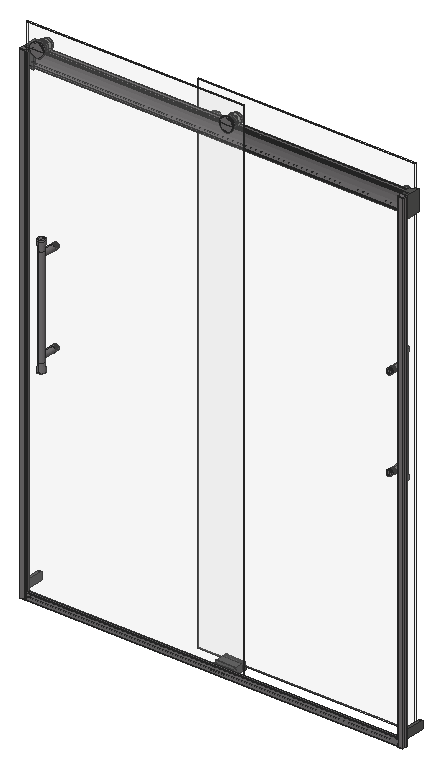
Revit family "Shower-Shower_Door-KOHLER-Elmbrook-K-706851_1", category Specialty Equipment, host Face, Revit 2022 (continued)
Definition of nested family "K-706851"
  Automatic sketch dimensions
    Revolve 14 sketch curve to plane 25 = 0.11373"
    Revolve 14 sketch curve to plane 8 = 0.61882"
    Revolve 14 sketch curve to plane 26 = 0.0606"
    Revolve 14 sketch curve to plane 8 = 0.52866"
    Revolve 14 sketch curve to plane 27 = 0.01826"
    Revolve 14 sketch curve to plane 8 = 0.33181"
    plane 25 to Revolve 14 sketch curve = 0.01837"
    Revolve 14 sketch curve to Revolve 14 sketch curve = 0.00874"
    plane 32 to Revolve 14 sketch curve = 0.30634"
    plane 35 to Revolve 15 sketch curve = 0.04159"
    plane 4 to Revolve 15 sketch curve = 0.15022"
    plane 4 to Revolve 15 sketch curve = 0.21"
    Revolve 15 sketch curve to plane 25 = 0.03074"
    plane 4 to Revolve 15 sketch curve = 0.2658"
    Revolve 15 sketch curve to Revolve 15 sketch curve = 0.18017"
    plane 1 "Center (Front/Back)" to Revolve 15 sketch curve = 0.12246"
    Revolve 15 sketch curve to Revolve 15 sketch curve = 0.25536"
    Revolve 15 sketch curve to plane 25 = 0.11373"
    Revolve 15 sketch curve to Revolve 15 sketch curve = 0.28535"
    Revolve 15 sketch curve to Revolve 15 sketch curve = 0.34693"
    Revolve 15 sketch curve to plane 26 = 0.11762"
    Revolve 15 sketch curve to Revolve 15 sketch curve = 0.16033"
    Revolve 15 sketch curve to plane 26 = 0.06127"
    Revolve 15 sketch curve to Revolve 15 sketch curve = 0.00083"
    Revolve 15 sketch curve to plane 26 = 0.08903"
    Revolve 15 sketch curve to Revolve 15 sketch curve = 0.02776"
    plane 35 to Revolve 15 sketch curve = 0.00968"
    Revolve 15 sketch curve to Revolve 15 sketch curve = 0.17616"
    plane 25 to Revolve 15 sketch curve = 0.01837"
    Revolve 15 sketch curve to Revolve 15 sketch curve = 0.01891"
    Revolve 15 sketch curve to Revolve 15 sketch curve = 0.0243"
    Revolve 15 sketch curve to plane 27 = 0.01777"
    Revolve 15 sketch curve to Revolve 15 sketch curve = 0.27252"
    Revolve 15 sketch curve to plane 27 = 0.00144"
    Revolve 15 sketch curve to Revolve 15 sketch curve = 0.02665"
    Revolve 15 sketch curve to Revolve 15 sketch curve = 0.02702"
    plane 27 to Revolve 15 sketch curve = 0.05181"
    Revolve 15 sketch curve to Revolve 15 sketch curve = 0.02677"
    plane 35 to Revolve 15 sketch curve = 0.23322"
    Revolve 15 sketch curve to plane 3 "Center (Left/Right)" = 0.53742"
    Revolve 15 sketch curve to Revolve 15 sketch curve = 0.05803"
    Revolve 15 sketch curve to Revolve 15 sketch curve = 0.30232"
    Revolve 15 sketch curve to Revolve 15 sketch curve = 0.02195"
    Revolve 15 sketch curve to Revolve 15 sketch curve = 0.01364"
    Revolve 15 sketch curve to Revolve 15 sketch curve = 0"
    Revolve 15 sketch curve to Revolve 15 sketch curve = 0.00923"
    plane 32 to Revolve 15 sketch curve = 0.10949"
    plane 31 to Revolve 16 sketch curve = 0.00109"
    plane 31 to Revolve 16 sketch curve = 0.02166"
    Revolve 16 sketch curve to Revolve 16 sketch curve = 0.0171"
    Revolve 16 sketch curve to Revolve 16 sketch curve = 0.03165"
    Revolve 16 sketch curve to Revolve 16 sketch curve = 0.043"
    Revolve 16 sketch curve to plane 36 = 0.11909"
    Revolve 16 sketch curve to Revolve 16 sketch curve = 0.04889"
    plane 36 to Revolve 16 sketch curve = 0.09509"
    plane 34 to Revolve 16 sketch curve = 0.02399"
    Revolve 16 sketch curve to plane 34 = 0.00791"
    plane 26 to Revolve 16 sketch curve = 0.10442"
    plane 26 to Revolve 16 sketch curve = 0.00756"
    Revolve 16 sketch curve to plane 26 = 0.04156"
    Revolve 16 sketch curve to plane 26 = 0.22857"
    Revolve 16 sketch curve to plane 1 "Center (Front/Back)" = 0.08551"
    Revolve 16 sketch curve to plane 33 = 0.31969"
    plane 22 to Revolve 16 sketch curve = 0.05698"
    Revolve 16 sketch curve to Revolve 16 sketch curve = 0.01613"
    Revolve 16 sketch curve to Revolve 16 sketch curve = 0.00616"
    plane 22 to Revolve 16 sketch curve = 0.29896"
    plane 22 to Revolve 16 sketch curve = 0.33017"
    Revolve 16 sketch curve to Revolve 16 sketch curve = 0.07583"
    Revolve 16 sketch curve to Revolve 16 sketch curve = 0.17616"
    Revolve 16 sketch curve to Revolve 16 sketch curve = 0.02921"
    Revolve 16 sketch curve to Revolve 16 sketch curve = 0.20814"
    Revolve 16 sketch curve to Revolve 16 sketch curve = 0.28535"
    Revolve 16 sketch curve to Revolve 16 sketch curve = 0.1928"
    Revolve 16 sketch curve to Revolve 16 sketch curve = 0.25792"
    Revolve 16 sketch curve to plane 28 = 0.41123"
    Revolve 16 sketch curve to Revolve 16 sketch curve = 0.01571"
    Revolve 16 sketch curve to Revolve 16 sketch curve = 0"
    Revolve 17 sketch curve to plane 38 = 0.03076"  (x2)
    plane 23 to Revolve 17 sketch curve = 0.57379"
    plane 35 to Revolve 17 sketch curve = 0.37569"
    Revolve 17 sketch curve to Revolve 17 sketch curve = 0.02555"
    Revolve 17 sketch curve to Revolve 17 sketch curve = 0.03934"
    plane 35 to Revolve 17 sketch curve = 0.00875"
    Revolve 17 sketch curve to plane 35 = 0.01186"
    Revolve 17 sketch curve to Revolve 17 sketch curve = 0.0381"
    Revolve 17 sketch curve to Revolve 17 sketch curve = 0.02644"
    Revolve 17 sketch curve to plane 25 = 0.02667"
    Revolve 17 sketch curve to plane 25 = 0.00438"
    plane 38 to Revolve 17 sketch curve = 0.16705"
    Revolve 17 sketch curve to Revolve 17 sketch curve = 0.14525"
    Revolve 17 sketch curve to Revolve 17 sketch curve = 0.16734"
    Revolve 17 sketch curve to Revolve 17 sketch curve = 0.00774"
    Revolve 17 sketch curve to Revolve 17 sketch curve = 0.0131"
    Revolve 17 sketch curve to plane 35 = 0.05585"
    plane 1 "Center (Front/Back)" to Revolve 17 sketch curve = 0.13818"
    Revolve 18 sketch curve to plane 40 = 0.03046"  (x2)
    plane 23 to Revolve 18 sketch curve = 0.57379"
    plane 35 to Revolve 18 sketch curve = 0.37569"
    Revolve 18 sketch curve to Revolve 18 sketch curve = 0.02555"
    Revolve 18 sketch curve to Revolve 18 sketch curve = 0.03934"
    plane 35 to Revolve 18 sketch curve = 0.00875"
    Revolve 18 sketch curve to plane 35 = 0.01186"
    Revolve 18 sketch curve to Revolve 18 sketch curve = 0.0381"
    Revolve 18 sketch curve to Revolve 18 sketch curve = 0.02644"
    Revolve 18 sketch curve to plane 25 = 0.02667"
    Revolve 18 sketch curve to plane 25 = 0.00438"
    Revolve 18 sketch curve to plane 40 = 0.22826"
    Revolve 18 sketch curve to Revolve 18 sketch curve = 0.14525"
    Revolve 18 sketch curve to Revolve 18 sketch curve = 0.16734"
    Revolve 18 sketch curve to Revolve 18 sketch curve = 0.00774"
    Revolve 18 sketch curve to Revolve 18 sketch curve = 0.0131"
    Revolve 18 sketch curve to plane 35 = 0.05585"
    plane 1 "Center (Front/Back)" to Revolve 18 sketch curve = 0.13818"
    plane 20 to Revolve 19 sketch curve = 0.00198"
    plane 23 to Revolve 19 sketch curve = 0.52649"  (x2)
    plane 32 to Revolve 19 sketch curve = 0.82517"
    plane 19 to Revolve 19 sketch curve = 0.05307"
    Revolve 19 sketch curve to Revolve 19 sketch curve = 0.47348"  (x2)
    Revolve 19 sketch curve to plane 40 = 0.63006"
    Revolve 19 sketch curve to plane 24 = 2.86132"  (x2)
    plane 38 to Revolve 19 sketch curve = 0.56924"
    Revolve 19 sketch curve to Revolve 19 sketch curve = 0.05323"
    Revolve 19 sketch curve to plane 19 = 0.00016"
    plane 40 to Revolve 19 sketch curve = 0.17857"
    Revolve 19 sketch curve to plane 20 = 0.98227"
    plane 5 to Masking region 1 sketch curve = 0"
    Masking region 1 sketch curve to level = 0"
    plane 7 to Masking region 1 sketch curve = 0"
    plane 14 to Masking region 1 sketch curve = 0"
    Masking region 1 sketch curve to plane 6 = 0"
    Masking region 1 sketch curve to plane 21 = 0"  (x2)
    plane 7 to Masking region 1 sketch curve = 0.05632"
    level to Masking region 1 sketch curve = 0.078"
    level to Masking region 1 sketch curve = 0.081"
    plane 18 to Masking region 1 sketch curve = 0.00777"
    curve 127 to plane 32 = 0"
    plane 37 to curve 205 = 0"
    curve 121 to plane 27 = 0"
    curve 283 to plane 27 = 0"
    curve 159 to level = 0"
    curve 158 to level = 0"
    curve 47 to plane 21 = 0"
    curve 149 to level = 0"
    curve 282 to plane 35 = 0"
    curve 65 to plane 35 = 0"
    curve 289 to plane 26 = 0"
    curve 267 to plane 26 = 0"
    curve 265 to plane 34 = 0"
    curve 49 to plane 34 = 0"
    curve 37 to plane 40 = 0.02942"
    plane 32 to curve 37 = 0.49685"
    curve 38 to plane 38 = 0.03858"
    plane 32 to curve 38 = 0.5295"
    curve 76 to plane 27 = 0.05534"
    curve 255 to plane 27 = 0.01537"
    curve 255 to curve 254 = 0.00002"
    curve 155 to plane 27 = 0.01509"
    curve 252 to plane 27 = 0.00523"
    curve 217 to plane 27 = 0.00034"
    plane 27 to curve 240 = 0.01419"
    curve 240 to curve 237 = 3/256"
    curve 251 to curve 246 = 0.00093"
    plane 27 to curve 257 = 0.03271"
    curve 246 to curve 251 = 0.01309"
    plane 27 to curve 160 = 0.06034"
    level to curve 159 = 0.00824"
    curve 160 to curve 159 = 0.02147"
    curve 154 to level = 0.02414"
    curve 159 to curve 154 = 0.00252"
    curve 160 to curve 161 = 0.08798"
    curve 251 to curve 248 = 0.1269"
    curve 248 to curve 245 = 0.00871"
    curve 236 to plane 21 = 0.1053"
    curve 245 to curve 236 = 0.00394"
    curve 238 to plane 21 = 0.1053"
    curve 236 to curve 238 = 0.008"  (x2)
    curve 239 to plane 21 = 0.1053"
    curve 238 to curve 239 = 0.03434"
    curve 235 to plane 21 = 0.1053"
    curve 244 to curve 235 = 0.008"
    level to curve 158 = 0.00966"
    curve 161 to curve 158 = 0.08431"
    curve 235 to curve 244 = 0.00614"
    curve 158 to curve 156 = 0.00967"
    curve 244 to curve 249 = 0.00655"
    level to curve 157 = 0.00085"
    curve 158 to curve 157 = 0.04802"
    curve 157 to curve 153 = 0.01422"
    curve 156 to curve 152 = 0.07297"
    curve 249 to curve 250 = 0.07662"
    curve 250 to curve 257 = 0.05747"
    curve 257 to curve 234 = 0.0068"
    curve 234 to curve 247 = 0.00078"
    curve 241 to plane 21 = 0.1053"
    curve 247 to curve 241 = 0.01094"
    plane 27 to curve 216 = 0.40966"
    curve 253 to plane 21 = 0.1053"
    curve 241 to curve 253 = 0.01942"
    curve 256 to curve 233 = 0.01011"
    curve 233 to curve 256 = 0.00002"
    curve 129 to plane 21 = 0.04704"
    curve 233 to curve 129 = 0.06771"
    curve 129 to curve 128 = 0.0317"
    curve 79 to plane 22 = 0.01257"
    plane 35 to curve 79 = 0.38279"
    curve 46 to plane 21 = 0.01964"
    curve 128 to curve 46 = 0.02782"
    plane 22 to curve 73 = 0.00545"
    curve 75 to curve 73 = 0.01691"
    curve 46 to curve 48 = 0.0204"
    curve 55 to plane 33 = 0.01396"
    curve 77 to curve 55 = 0.02339"
    level to curve 170 = 0.10796"
    plane 35 to curve 170 = 0.26424"
    curve 170 to curve 146 = 0.0115"
    level to curve 149 = 0.008"
    curve 148 to curve 149 = 0.00187"
    curve 170 to curve 168 = 0.01404"
    level to curve 167 = 0.13533"
    curve 168 to curve 167 = 0.02613"
    level to curve 167 = 0.08597"
    curve 148 to curve 167 = 0.01966"
    level to curve 165 = 0.04269"
    curve 169 to curve 165 = 0.03957"
    curve 169 to curve 169 = 0.04431"
    curve 168 to curve 116 = 0.09012"
    curve 119 to curve 103 = 0.01583"
    plane 35 to curve 119 = 0.04192"
    plane 35 to curve 117 = 0.04192"
    curve 119 to curve 109 = 0.0169"
    curve 272 to plane 35 = 0.05075"
    curve 284 to curve 273 = 0.01453"
    curve 280 to curve 274 = 0.00261"
    curve 118 to plane 25 = 0.13806"
    curve 118 to curve 117 = 0"
    curve 118 to curve 108 = 0.00114"
    curve 87 to plane 22 = 0.01933"
    curve 87 to plane 25 = 0.10278"
    curve 87 to curve 79 = 0.00479"
    curve 102 to plane 25 = 0.06242"
    curve 226 to curve 227 = 0.02078"
    curve 227 to curve 86 = 0"
    curve 89 to curve 88 = 0.00258"
    curve 108 to curve 115 = 0.01604"
    curve 297 to plane 25 = 0.02528"
    curve 299 to plane 25 = 0.01986"
    curve 298 to plane 25 = 0.01848"
    curve 273 to plane 25 = 0.01601"
    curve 281 to plane 25 = 0.0148"
    curve 275 to plane 25 = 0.00022"
    plane 25 to curve 295 = 0.00077"
    plane 25 to curve 204 = 0.02029"
    plane 25 to curve 202 = 0.02029"
    curve 203 to plane 1 "Center (Front/Back)" = 0.21964"
    curve 201 to plane 1 "Center (Front/Back)" = 0.21964"
    plane 26 to curve 262 = 0.01457"
    plane 26 to curve 266 = 0.01579"
    plane 26 to curve 291 = 0.01801"
    plane 26 to curve 292 = 0.0199"
    plane 26 to curve 86 = 0.05453"
    curve 86 to curve 85 = 0"
    curve 92 to plane 22 = 0.0144"
    curve 90 to curve 92 = 0.03382"
    curve 54 to plane 22 = 0.00058"
    curve 92 to curve 54 = 0.00081"
    curve 92 to curve 222 = 0.00618"
    curve 268 to plane 34 = 0.06713"
    curve 270 to plane 34 = 0.06453"
    curve 269 to curve 260 = 0.01453"
    plane 34 to curve 112 = 1/256"
    curve 112 to curve 101 = 0.01526"
    curve 101 to curve 107 = 0.06509"
    curve 107 to curve 113 = 0.00353"
    plane 22 to curve 76 = 0.03341"
    plane 36 to curve 76 = 0.0812"
    curve 76 to curve 56 = 0.00096"
    plane 22 to curve 229 = 0.00068"
    curve 56 to curve 229 = 0.00009"
    plane 36 to curve 45 = 0.07432"
    curve 229 to curve 80 = 0.01296"
    curve 230 to curve 70 = 0.01249"
    curve 84 to curve 228 = 0.01234"
    curve 56 to curve 81 = 0.02239"
    plane 36 to curve 55 = 0.02281"
    plane 36 to curve 53 = 0.02183"
    curve 72 to plane 36 = 0.00007"
    curve 111 to plane 36 = 0.0471"
    curve 114 to curve 106 = 0.00378"
    curve 68 to plane 36 = 0.08219"
    curve 106 to curve 100 = 0.09478"
    curve 100 to curve 110 = 0.01374"
    curve 36 to plane 40 = 0.02942"
    curve 36 to plane 28 = 0.56886"
    curve 41 to plane 38 = 0.03858"
    curve 41 to plane 28 = 0.7357"
    curve 155 to level = 0.03038"
    curve 153 to level = 0.08694"
    curve 158 to curve 156 = 0.04014"
    curve 159 to curve 160 = 0.05886"
    curve 148 to curve 167 = 0.01841"
    curve 161 to curve 153 = 0.00969"
    level to curve 111 = 0.12428"
    level to curve 117 = 0.12428"  (x2)
    curve 168 to curve 167 = 0.00046"
    curve 111 to curve 104 = 0.01572"
    curve 118 to curve 105 = 0.01572"
    curve 140 to curve 152 = 0.09002"
    curve 104 to curve 101 = 0.06177"
    curve 107 to curve 112 = 0.00211"
    curve 108 to curve 102 = 0.0707"
    curve 108 to curve 115 = 0.00058"
    curve 116 to curve 103 = 0.01839"
    curve 104 to curve 100 = 0.09314"
    curve 100 to curve 110 = 0.0015"
    curve 262 to plane 40 = 0.42341"
    curve 281 to plane 40 = 0.42341"
    plane 40 to curve 278 = 0.3482"
    plane 40 to curve 266 = 0.3482"
    curve 290 to plane 38 = 0.40375"
    curve 297 to plane 38 = 0.40375"
    plane 38 to curve 298 = 0.2876"
    plane 38 to curve 289 = 0.2876"
    curve 86 to curve 226 = 0.04394"
    curve 86 to curve 85 = 0.02"
    curve 91 to plane 22 = 0.01649"
    curve 91 to curve 90 = 0"
    curve 89 to curve 88 = 0.00256"
    curve 228 to curve 67 = 0.54677"
    plane 22 to curve 203 = 0.81989"
    curve 204 to curve 203 = 0"
    plane 37 to curve 216 = 0.79909"
    curve 220 to curve 219 = 0"
    plane 37 to curve 201 = 0.7727"
    curve 202 to curve 201 = 0"
    curve 216 to curve 216 = 1/16"
    curve 220 to curve 221 = 1/16"
    curve 52 to plane 37 = 0.05747"
    curve 250 to curve 247 = 0.00539"
    curve 251 to plane 37 = 0.10494"
    curve 237 to curve 255 = 0.00133"
    curve 256 to curve 256 = 0.0005"
    curve 244 to curve 235 = 0.00049"
    curve 244 to curve 249 = 0.00005"
    curve 248 to curve 248 = 0.00044"
    curve 245 to curve 248 = 0.00042"
    curve 240 to curve 246 = 0.00965"
    curve 234 to curve 247 = 0.00544"
    curve 251 to curve 246 = 0.00188"
    curve 251 to curve 259 = 0.0395"
    curve 53 to plane 21 = 0.02187"
    plane 32 to curve 42 = 0.00482"
    plane 32 to curve 35 = 0.00506"
    plane 32 to curve 39 = 0.00506"
    plane 19 to curve 175 = 0.07425"
    plane 32 to curve 175 = 0.73201"
    plane 20 to curve 179 = 0.06921"
    plane 32 to curve 179 = 0.73201"
    curve 180 to curve 37 = 0.32737"
    curve 37 to curve 37 = 0.32737"
    curve 37 to curve 180 = 0"
    curve 38 to curve 38 = 0.29472"  (x2)
    curve 174 to curve 38 = 0"
    plane 23 to curve 174 = 0.09196"
    plane 23 to curve 180 = 0.09196"
    curve 175 to plane 23 = 0.00036"
    curve 179 to plane 23 = 0.00036"
    curve 43 to plane 32 = 0.00179"
    curve 145 to plane 32 = 0.02244"
    plane 30 to curve 124 = 0.00942"
    curve 43 to curve 124 = 0.02065"
    curve 145 to curve 125 = 0.02334"
    curve 124 to curve 144 = 0.02334"
    curve 144 to curve 143 = 0.01323"
    curve 243 to curve 254 = 0.02437"
    curve 243 to curve 242 = 0.00837"
    curve 76 to curve 206 = 0.0266"
    curve 242 to curve 206 = 0.00261"
    curve 206 to curve 142 = 0.00031"
    curve 123 to curve 142 = 0.02693"
    curve 143 to curve 126 = 0.02694"
    curve 93 to plane 27 = 0.01701"
    curve 142 to curve 207 = 0.01402"
    curve 254 to curve 207 = 0.00096"
    plane 27 to curve 252 = 0.00002"
    plane 27 to curve 96 = 0.00864"
    curve 240 to curve 237 = 0.01126"
    curve 259 to curve 251 = 0.00472"
    curve 96 to curve 95 = 0.03255"
    curve 141 to curve 214 = 0.04366"
    curve 237 to curve 208 = 0.01774"
    curve 155 to curve 160 = 0.00655"
    curve 160 to curve 155 = 0"
    curve 208 to curve 209 = 0.016"
    curve 159 to curve 159 = 0.00027"
    curve 95 to curve 94 = 0.04154"
    curve 283 to curve 213 = 0.08306"
    curve 154 to curve 161 = 0.04366"
    curve 161 to curve 154 = 0"
    curve 153 to curve 161 = 0"
    curve 213 to curve 236 = 0.10016"
    curve 209 to curve 150 = 0.13147"
    curve 150 to curve 152 = 0.0235"
    curve 238 to curve 239 = 0.02688"
    plane 27 to curve 130 = 0.22125"  (x2)
    curve 152 to curve 151 = 0.00663"
    curve 158 to curve 158 = 0.00978"
    curve 157 to curve 158 = 0"
    curve 239 to curve 235 = 0.008"
    curve 156 to curve 152 = 0"
    curve 213 to curve 212 = 0.243"
    curve 219 to curve 216 = 0.06"
    curve 218 to curve 211 = 0.016"
    curve 210 to curve 215 = 0.016"
    curve 250 to curve 258 = 0.00196"
    curve 141 to curve 132 = 0.39366"
    plane 27 to curve 140 = 0.39366"
    curve 234 to curve 241 = 0.01126"
    curve 241 to curve 253 = 0.01463"
    curve 132 to curve 131 = 0.016"
    curve 140 to curve 139 = 0.016"
    curve 139 to curve 133 = 0.055"
    curve 131 to curve 138 = 0.055"
    curve 232 to curve 127 = 0.04618"
    curve 129 to plane 21 = 1/64"
    curve 138 to curve 136 = 0.03657"
    curve 133 to curve 135 = 0.03657"
    curve 77 to curve 72 = 0.0017"
    curve 73 to curve 74 = 0.00423"
    curve 74 to curve 199 = 0.02677"
    curve 199 to curve 198 = 0.016"
    plane 35 to curve 66 = 0.312"
    curve 136 to curve 134 = 0.12031"
    curve 135 to curve 137 = 0.12031"
    curve 198 to curve 200 = 0.016"
    curve 171 to curve 146 = 0.04202"
    plane 35 to curve 197 = 0.098"
    curve 197 to curve 196 = 0.016"
    curve 196 to curve 194 = 0.016"
    curve 194 to curve 195 = 0.028"
    curve 195 to curve 193 = 0.016"
    level to curve 165 = 0.00287"
    curve 165 to plane 25 = 0.11862"
    curve 63 to plane 25 = 0.10525"
    curve 64 to plane 25 = 0.04071"
    curve 298 to curve 297 = 0"
    curve 297 to curve 294 = 0.00189"
    curve 62 to plane 25 = 0.02031"
    curve 102 to plane 25 = 0.01826"
    curve 162 to plane 25 = 0.01446"
    curve 102 to curve 115 = 0.01601"
    plane 25 to curve 61 = 0.02946"
    curve 60 to plane 1 "Center (Front/Back)" = 0.07401"
    curve 60 to curve 59 = 0.05849"
    curve 58 to plane 26 = 0.10116"
    curve 58 to curve 44 = 0.03958"
    plane 26 to curve 191 = 0.0486"
    curve 191 to curve 188 = 0.016"
    curve 222 to curve 90 = 0.00042"
    curve 188 to curve 186 = 0.016"
    curve 186 to curve 187 = 0.028"
    curve 187 to curve 185 = 0.016"
    curve 185 to curve 192 = 0.016"
    curve 112 to plane 34 = 0.04063"
    curve 162 to plane 34 = 0.02927"
    curve 112 to curve 101 = 0.01515"
    plane 34 to curve 184 = 0.05194"
    curve 184 to curve 189 = 0.016"
    curve 189 to curve 183 = 0.016"
    curve 190 to curve 76 = 0.016"
    curve 68 to plane 36 = 0.07575"
    curve 34 to plane 36 = 0.07575"
    curve 40 to plane 36 = 0.07575"
    curve 42 to plane 36 = 0.07883"
    plane 30 to curve 100 = 0.00628"
    curve 100 to plane 36 = 0.15992"
    curve 163 to plane 36 = 0.1719"
    curve 100 to curve 110 = 0.01377"
    curve 43 to plane 29 = 0.05054"
    curve 163 to plane 29 = 0.03203"
    plane 31 to curve 98 = 0.12466"
    curve 98 to curve 97 = 0.0394"
    plane 31 to curve 99 = 0.01822"
    plane 19 to curve 176 = 0.07143"
    curve 176 to plane 28 = 0.79171"
    plane 20 to curve 178 = 0.09658"
    curve 178 to plane 28 = 0.79601"
    curve 36 to curve 36 = 0.31548"  (x2)
    curve 41 to curve 41 = 0.14864"  (x2)
    curve 177 to curve 36 = 0"
    curve 173 to curve 41 = 0"
    plane 24 to curve 177 = 0.08373"
    plane 24 to curve 173 = 0.08373"
    plane 24 to curve 176 = 0.00228"
    plane 24 to curve 178 = 0.00034"
    curve 143 to curve 121 = 0"
    curve 143 to curve 126 = 0"
    curve 143 to curve 124 = 0.00056"
    curve 143 to curve 144 = 0.00056"
    curve 163 to plane 30 = 0.22364"
    curve 164 to plane 30 = 0.0485"
    curve 137 to curve 134 = 1.07395"
    curve 180 to plane 40 = 0.62985"
    curve 177 to plane 40 = 0.62985"
    curve 35 to plane 40 = 0.42341"
    curve 34 to curve 260 = 0.01713"
    curve 177 to curve 36 = 53/256"
    curve 180 to curve 37 = 53/256"
    curve 272 to curve 277 = 0.03703"
    curve 286 to curve 277 = 0"
    curve 268 to curve 265 = 0.03703"
    curve 276 to curve 272 = 0.03323"
    curve 264 to curve 260 = 0.03323"
    plane 40 to curve 287 = 0.31623"
    curve 264 to curve 34 = 0.04776"
    plane 40 to curve 35 = 0.36399"
    curve 35 to curve 130 = 0.59447"
    curve 40 to curve 290 = 0.02824"
    curve 41 to curve 41 = 0.3934"
    curve 38 to plane 38 = 0.43199"
    curve 39 to plane 38 = 0.43199"
    curve 288 to curve 40 = 0.04921"
    plane 38 to curve 39 = 0.35482"
    curve 41 to curve 173 = 53/256"
    curve 38 to curve 174 = 53/256"
    curve 130 to plane 33 = 3.83206"
    curve 212 to plane 33 = 1.21303"
    curve 89 to curve 227 = 0.0001"
    curve 86 to curve 223 = 0.00044"
    plane 22 to curve 97 = 0.0701"
    curve 97 to curve 98 = 0.00779"
    curve 97 to curve 99 = 0.03416"
    curve 68 to curve 67 = 0.18434"
    plane 37 to curve 67 = 0.7823"
    plane 37 to curve 99 = 0.49929"
    curve 99 to curve 98 = 0.0222"
    curve 98 to curve 97 = 0.00967"
    curve 83 to curve 48 = 0.00117"
    plane 39 to curve 62 = 0.25637"
    curve 62 to curve 61 = 0"
    curve 61 to curve 60 = 0.22368"
    curve 60 to curve 59 = 0"
    curve 62 to curve 63 = 0.28374"
    curve 63 to curve 64 = 0"
    curve 63 to curve 66 = 0.14427"
    curve 59 to curve 58 = 0.23379"
    curve 63 to curve 65 = 0.18034"
    curve 66 to curve 96 = 0.30483"
    curve 96 to curve 94 = 0.00964"
    curve 96 to curve 95 = 0.01707"
    Masking region 4 sketch curve to plane 10 "D" = 0"
    plane 31 to Masking region 4 sketch curve = 0"  (x2)
    Masking region 4 sketch curve to plane 34 = 0"  (x6)
    Masking region 4 sketch curve to plane 15 "E" = 0"
    Masking region 4 sketch curve to plane 14 = 0"  (x3)
    plane 28 to Masking region 4 sketch curve = 0"
    Masking region 4 sketch curve to plane 6 = 0"
    Masking region 4 sketch curve to plane 36 = 0.11347"
    Masking region 4 sketch curve to plane 10 "D" = 0.77446"
    plane 31 to Masking region 4 sketch curve = 0.06684"
    Masking region 4 sketch curve to Masking region 4 sketch curve = 0.22483"
    Masking region 4 sketch curve to Masking region 4 sketch curve = 0.01924"
    plane 31 to Masking region 4 sketch curve = 0.01249"
    Masking region 4 sketch curve to Masking region 4 sketch curve = 0.07762"
    Masking region 4 sketch curve to Masking region 4 sketch curve = 0.0396"
    plane 26 to Masking region 4 sketch curve = 0.10442"  (x2)
    plane 11 "C" to Masking region 4 sketch curve = 0.71944"
    Masking region 4 sketch curve to plane 36 = 0.07786"  (x4)
    Masking region 4 sketch curve to Masking region 4 sketch curve = 0.03679"
    Masking region 4 sketch curve to Masking region 4 sketch curve = 0.17616"  (x2)
    plane 26 to Masking region 4 sketch curve = 0.04715"  (x3)
    Masking region 4 sketch curve to plane 11 "C" = 0.54328"
    Masking region 4 sketch curve to plane 36 = 0.18727"
    Masking region 4 sketch curve to Masking region 4 sketch curve = 0.15408"
    Masking region 4 sketch curve to Masking region 4 sketch curve = 0.19292"
    plane 31 to Masking region 4 sketch curve = 3/256"
    Masking region 4 sketch curve to Masking region 4 sketch curve = 0.02831"
    Masking region 4 sketch curve to Masking region 4 sketch curve = 0.08182"
    plane 31 to Masking region 4 sketch curve = 0.08285"
    Masking region 4 sketch curve to Masking region 4 sketch curve = 0.01761"  (x2)
    Masking region 4 sketch curve to Masking region 4 sketch curve = 0.44483"
    Masking region 4 sketch curve to plane 15 "E" = 0.3937"  (x2)
    Masking region 4 sketch curve to plane 34 = 0.03752"
    Masking region 4 sketch curve to Masking region 4 sketch curve = 0.04127"  (x2)
    Masking region 4 sketch curve to plane 36 = 0.11798"
    plane 15 "E" to Masking region 4 sketch curve = 0.35358"
    Masking region 4 sketch curve to plane 34 = 0.03763"
    Masking region 4 sketch curve to Masking region 4 sketch curve = 0.00249"
    Masking region 4 sketch curve to Masking region 4 sketch curve = 0.04013"
    Masking region 4 sketch curve to Masking region 4 sketch curve = 0.12178"
    plane 31 to Masking region 4 sketch curve = 0.09598"
    Masking region 4 sketch curve to Masking region 4 sketch curve = 0.23822"
    Masking region 4 sketch curve to Masking region 4 sketch curve = 0.01927"
    plane 31 to Masking region 4 sketch curve = 0.01417"
    Masking region 4 sketch curve to Masking region 4 sketch curve = 0.05728"
    Masking region 4 sketch curve to Masking region 4 sketch curve = 0.02723"
    Masking region 4 sketch curve to Masking region 4 sketch curve = 0.52092"
    Masking region 4 sketch curve to Masking region 4 sketch curve = 0"  (x6)
    Masking region 4 sketch curve to Masking region 4 sketch curve = 0.17763"  (x2)
    plane 26 to Masking region 4 sketch curve = 0.10775"  (x2)
    plane 13 "A" to Masking region 4 sketch curve = 0.53113"
    plane 17 to Masking region 4 sketch curve = 0.32136"
    plane 31 to Masking region 4 sketch curve = 0.0148"
    Masking region 4 sketch curve to Masking region 4 sketch curve = 0.02564"
    Masking region 4 sketch curve to Masking region 4 sketch curve = 0.05012"
    plane 31 to Masking region 4 sketch curve = 0.09943"
    Masking region 4 sketch curve to Masking region 4 sketch curve = 0.02438"
    plane 17 to Masking region 4 sketch curve = 0.22801"
    Masking region 4 sketch curve to Masking region 4 sketch curve = 0.02067"
    Masking region 4 sketch curve to Masking region 4 sketch curve = 0.02104"
    Masking region 4 sketch curve to Masking region 4 sketch curve = 0.02232"
    Masking region 4 sketch curve to Masking region 4 sketch curve = 0.00039"
    plane 17 to Masking region 4 sketch curve = 0.0177"
    plane 14 to Masking region 4 sketch curve = 0.02341"
    plane 14 to Masking region 4 sketch curve = 0.02301"
    plane 14 to Masking region 4 sketch curve = 0.02058"
    plane 14 to Masking region 4 sketch curve = 0.02022"
    plane 31 to Masking region 4 sketch curve = 0.01844"
    Masking region 4 sketch curve to plane 25 = 0.12816"
    Masking region 4 sketch curve to plane 35 = 0.14566"
    plane 35 to Masking region 4 sketch curve = 0.40387"
    plane 26 to Masking region 4 sketch curve = 0.1239"
    Masking region 4 sketch curve to plane 34 = 0.14303"
    Masking region 4 sketch curve to Masking region 4 sketch curve = 0.05855"
    Masking region 4 sketch curve to Masking region 4 sketch curve = 0.01842"
    Masking region 4 sketch curve to Masking region 4 sketch curve = 0.01408"
    Masking region 4 sketch curve to Masking region 4 sketch curve = 0.01349"
    Masking region 4 sketch curve to Masking region 4 sketch curve = 0.02748"
    Masking region 4 sketch curve to plane 28 = 0.89291"
    plane 24 to Masking region 4 sketch curve = 0.55371"
    Revolve 21 sketch curve to plane 12 "B" = 0"  (x2)
    plane 12 "B" to Revolve 21 sketch curve = 0.33038"
    plane 35 to Revolve 21 sketch curve = 0.00968"
    Revolve 21 sketch curve to Revolve 21 sketch curve = 117/256"
    Revolve 21 sketch curve to Revolve 21 sketch curve = 0.22224"
    Revolve 21 sketch curve to Revolve 21 sketch curve = 0.30232"
    Revolve 21 sketch curve to plane 27 = 0.01777"
    Revolve 21 sketch curve to plane 26 = 0.06127"
    Revolve 21 sketch curve to Revolve 21 sketch curve = 0.00923"
    plane 32 to Revolve 21 sketch curve = 0.10949"
    Revolve 22 sketch curve to plane 40 = 0.03046"  (x2)
    plane 23 to Revolve 22 sketch curve = 0.57379"
    plane 35 to Revolve 22 sketch curve = 0.31079"
    Revolve 22 sketch curve to plane 35 = 0.01186"
    Revolve 22 sketch curve to plane 25 = 0.02667"
    Revolve 22 sketch curve to plane 25 = 0.00438"
    Revolve 22 sketch curve to plane 40 = 0.22826"
    Revolve 22 sketch curve to Revolve 22 sketch curve = 0.17361"
    Revolve 22 sketch curve to Revolve 22 sketch curve = 0.39386"
    Revolve 22 sketch curve to plane 35 = 0.05585"
    plane 1 "Center (Front/Back)" to Revolve 22 sketch curve = 0.13818"
    Revolve 23 sketch curve to plane 38 = 0.03076"  (x2)
    plane 23 to Revolve 23 sketch curve = 0.57379"
    plane 35 to Revolve 23 sketch curve = 0.31079"
    Revolve 23 sketch curve to plane 35 = 0.01186"
    Revolve 23 sketch curve to plane 25 = 0.00438"
    plane 38 to Revolve 23 sketch curve = 0.16705"
    Revolve 23 sketch curve to Revolve 23 sketch curve = 0.1959"
    plane 38 to Revolve 23 sketch curve = 0.3631"
    Revolve 23 sketch curve to plane 35 = 0.05585"
    plane 1 "Center (Front/Back)" to Revolve 23 sketch curve = 0.13818"
    plane 20 to Revolve 24 sketch curve = 0.00198"
    plane 23 to Revolve 24 sketch curve = 0.52649"  (x2)
    Revolve 24 sketch curve to plane 19 = 0.00016"
    Revolve 24 sketch curve to Revolve 24 sketch curve = 0.52471"
    plane 40 to Revolve 24 sketch curve = 0.17857"
    Revolve 24 sketch curve to plane 20 = 0.98227"
    Extrusion 25 sketch curve to plane 28 = 0"
    plane 35 to Extrusion 25 sketch curve = 0.43712"
    plane 30 to Extrusion 25 sketch curve = 0.00963"
    Extrusion 25 sketch curve to Extrusion 25 sketch curve = 1.07373"
    Extrusion 26 sketch curve to plane 28 = 0"
    plane 35 to Extrusion 26 sketch curve = 0.40387"
    plane 30 to Extrusion 26 sketch curve = 0.00963"
    Extrusion 26 sketch curve to Extrusion 26 sketch curve = 1.07373"
    plane 27 to Extrusion 27 sketch curve = 0.49641"
    plane 29 to Extrusion 27 sketch curve = 0.1315"
    plane 29 to Extrusion 27 sketch curve = 0.13713"
    Extrusion 27 sketch curve to plane 31 = 0.0411"
    plane 30 to Extrusion 27 sketch curve = 0.00963"
    Extrusion 27 sketch curve to Extrusion 27 sketch curve = 0.5728"
    Revolve 28 sketch curve to plane 1 "Center (Front/Back)" = 0.08551"
    Revolve 28 sketch curve to plane 26 = 0.22857"
    Revolve 28 sketch curve to plane 26 = 0.04156"
    plane 26 to Revolve 28 sketch curve = 0.00756"
    plane 26 to Revolve 28 sketch curve = 0.10442"
    Revolve 28 sketch curve to plane 34 = 0.00791"
    plane 34 to Revolve 28 sketch curve = 0.02399"
    plane 36 to Revolve 28 sketch curve = 0.09509"
    Revolve 28 sketch curve to plane 36 = 0.0702"
    Revolve 28 sketch curve to Revolve 28 sketch curve = 0.04889"
    plane 31 to Revolve 28 sketch curve = 0.08176"
    plane 31 to Revolve 28 sketch curve = 0.0533"
    plane 31 to Revolve 28 sketch curve = 0.03876"
    plane 31 to Revolve 28 sketch curve = 0.02166"
    plane 31 to Revolve 28 sketch curve = 0.00109"
    Revolve 28 sketch curve to plane 33 = 0.31969"
    plane 22 to Revolve 28 sketch curve = 0.05698"
    Revolve 28 sketch curve to Revolve 28 sketch curve = 0.01613"
    Revolve 28 sketch curve to Revolve 28 sketch curve = 0.00616"
    plane 22 to Revolve 28 sketch curve = 0.29896"
    plane 22 to Revolve 28 sketch curve = 0.33017"
    Revolve 28 sketch curve to Revolve 28 sketch curve = 0.07583"
    Revolve 28 sketch curve to Revolve 28 sketch curve = 0.17616"
    Revolve 28 sketch curve to Revolve 28 sketch curve = 0.02921"
    Revolve 28 sketch curve to Revolve 28 sketch curve = 0.20814"
    Revolve 28 sketch curve to Revolve 28 sketch curve = 0.28535"
    Revolve 28 sketch curve to Revolve 28 sketch curve = 0.1928"
    Revolve 28 sketch curve to Revolve 28 sketch curve = 0.25792"
    Revolve 28 sketch curve to Revolve 28 sketch curve = 0"
    Revolve 28 sketch curve to Revolve 28 sketch curve = 0.01571"
    Revolve 28 sketch curve to plane 28 = 0.41123"
    Revolve 30 sketch curve to plane 40 = 0.03046"  (x2)
    plane 28 to Revolve 30 sketch curve = 1.28983"
    Revolve 30 sketch curve to Revolve 30 sketch curve = 0.02229"
    Revolve 30 sketch curve to Revolve 30 sketch curve = 0.26671"
    Revolve 30 sketch curve to Revolve 30 sketch curve = 0.32266"
    Revolve 30 sketch curve to plane 40 = 0.42431"
    plane 24 to Revolve 30 sketch curve = 0.56675"
    Revolve 30 sketch curve to Revolve 30 sketch curve = 0.00016"
    Revolve 30 sketch curve to Revolve 30 sketch curve = 0.19606"
    plane 31 to Revolve 30 sketch curve = 1.443"
    Revolve 30 sketch curve to Revolve 30 sketch curve = 0.04399"
    Revolve 31 sketch curve to plane 40 = 0.03046"  (x2)
    plane 28 to Revolve 31 sketch curve = 1.28983"
    Revolve 31 sketch curve to Revolve 31 sketch curve = 0.02229"
    Revolve 31 sketch curve to Revolve 31 sketch curve = 0.20217"
    Revolve 31 sketch curve to Revolve 31 sketch curve = 0.02644"
    Revolve 31 sketch curve to Revolve 31 sketch curve = 0.0381"
    Revolve 31 sketch curve to Revolve 31 sketch curve = 0.02062"
    Revolve 31 sketch curve to Revolve 31 sketch curve = 0.32266"
    Revolve 31 sketch curve to Revolve 31 sketch curve = 0.03934"
    Revolve 31 sketch curve to Revolve 31 sketch curve = 0.02555"
    plane 24 to Revolve 31 sketch curve = 0.47632"
    Revolve 31 sketch curve to plane 40 = 0.22826"
    Revolve 31 sketch curve to Revolve 31 sketch curve = 0.14525"
    Revolve 31 sketch curve to Revolve 31 sketch curve = 0.16734"
    Revolve 31 sketch curve to Revolve 31 sketch curve = 0.00774"
    Revolve 31 sketch curve to Revolve 31 sketch curve = 0.0131"
    plane 31 to Revolve 31 sketch curve = 1.443"
    Revolve 31 sketch curve to Revolve 31 sketch curve = 0.06461"
    Revolve 32 sketch curve to plane 19 = 0.00016"
    plane 24 to Revolve 32 sketch curve = 1.04913"
    plane 20 to Revolve 32 sketch curve = 0.00198"
    Revolve 32 sketch curve to Revolve 32 sketch curve = 0.52471"
    plane 40 to Revolve 32 sketch curve = 0.17857"
    plane 24 to Revolve 32 sketch curve = 0.52442"
    Revolve 32 sketch curve to plane 20 = 0.98227"
    plane 20 to Revolve 33 sketch curve = 0.00198"
    plane 23 to Revolve 33 sketch curve = 6.57228"  (x2)
    Revolve 33 sketch curve to plane 32 = 5.22062"
    plane 19 to Revolve 33 sketch curve = 0.05307"
    Revolve 33 sketch curve to Revolve 33 sketch curve = 0.47348"  (x2)
    Revolve 33 sketch curve to plane 40 = 0.63006"
    Revolve 33 sketch curve to plane 24 = 8.90711"  (x2)
    plane 38 to Revolve 33 sketch curve = 0.56924"
    Revolve 33 sketch curve to Revolve 33 sketch curve = 0.05323"
    Revolve 33 sketch curve to plane 19 = 0.00016"
    plane 40 to Revolve 33 sketch curve = 0.17857"
    Revolve 33 sketch curve to plane 20 = 0.98227"
    Revolve 34 sketch curve to plane 38 = 0.03076"  (x2)
    plane 28 to Revolve 34 sketch curve = 1.28983"
    Revolve 34 sketch curve to Revolve 34 sketch curve = 0.289"
    Revolve 34 sketch curve to Revolve 34 sketch curve = 0.32266"
    plane 38 to Revolve 34 sketch curve = 0.3631"
    plane 24 to Revolve 34 sketch curve = 0.56675"
    plane 38 to Revolve 34 sketch curve = 0.16705"
    Revolve 34 sketch curve to Revolve 34 sketch curve = 0.1959"
    plane 31 to Revolve 34 sketch curve = 1.443"
    Revolve 34 sketch curve to Revolve 34 sketch curve = 0.04399"
    Revolve 35 sketch curve to plane 38 = 0.03076"  (x2)
    plane 28 to Revolve 35 sketch curve = 1.28983"
    Revolve 35 sketch curve to Revolve 35 sketch curve = 0.02229"
    Revolve 35 sketch curve to Revolve 35 sketch curve = 0.20217"
    Revolve 35 sketch curve to Revolve 35 sketch curve = 0.02644"
    Revolve 35 sketch curve to Revolve 35 sketch curve = 0.0381"
    Revolve 35 sketch curve to Revolve 35 sketch curve = 0.02062"
    Revolve 35 sketch curve to Revolve 35 sketch curve = 0.32266"
    Revolve 35 sketch curve to Revolve 35 sketch curve = 0.03934"
    Revolve 35 sketch curve to Revolve 35 sketch curve = 0.02555"
    plane 24 to Revolve 35 sketch curve = 0.48692"
    plane 38 to Revolve 35 sketch curve = 0.16705"
    Revolve 35 sketch curve to Revolve 35 sketch curve = 0.14525"
    Revolve 35 sketch curve to Revolve 35 sketch curve = 0.16734"
    Revolve 35 sketch curve to Revolve 35 sketch curve = 0.00774"
    Revolve 35 sketch curve to Revolve 35 sketch curve = 0.0131"
    plane 31 to Revolve 35 sketch curve = 1.443"
    Revolve 35 sketch curve to Revolve 35 sketch curve = 0.06461"
    plane 31 to Revolve 20 sketch curve = 0.00109"
    Revolve 20 sketch curve to plane 36 = 0.0702"
    plane 34 to Revolve 20 sketch curve = 0.02399"
    Revolve 20 sketch curve to plane 1 "Center (Front/Back)" = 0.08551"
    plane 22 to Revolve 20 sketch curve = 0.05877"
    plane 22 to Revolve 20 sketch curve = 0.23225"
    Revolve 20 sketch curve to Revolve 20 sketch curve = 0.17376"
    Revolve 20 sketch curve to Revolve 20 sketch curve = 0.30846"
    Revolve 20 sketch curve to Revolve 20 sketch curve = 0.33514"
    Revolve 20 sketch curve to plane 28 = 0.41123"
    Revolve 20 sketch curve to Revolve 20 sketch curve = 0.01571"
    Revolve 29 sketch curve to plane 1 "Center (Front/Back)" = 0.08551"
    plane 34 to Revolve 29 sketch curve = 0.02399"
    Revolve 29 sketch curve to plane 36 = 0.0702"
    plane 31 to Revolve 29 sketch curve = 0.00109"
    plane 22 to Revolve 29 sketch curve = 0.05877"
    plane 22 to Revolve 29 sketch curve = 0.23225"
    Revolve 29 sketch curve to Revolve 29 sketch curve = 0.17376"
    Revolve 29 sketch curve to Revolve 29 sketch curve = 0.30846"
    Revolve 29 sketch curve to Revolve 29 sketch curve = 0.33514"
    Revolve 29 sketch curve to Revolve 29 sketch curve = 0.01571"
    Revolve 29 sketch curve to plane 28 = 0.41123"
    Extrusion 11 sketch curve to plane 5 = 0"
    plane 8 to Extrusion 11 sketch curve = 0.22024"
    plane 35 to Extrusion 11 sketch curve = 0.41078"  (x2)
    Extrusion 11 sketch curve to plane 6 = 0.7709"
    Extrusion 11 sketch curve to plane 32 = 0"  (x2)
    Extrusion 11 sketch curve to Extrusion 11 sketch curve = 0.77087"
    plane 35 to Extrusion 11 sketch curve = 0.42"  (x2)
    plane 32 to Extrusion 11 sketch curve = 0.00923"  (x2)
    Extrusion 2 sketch curve to plane 5 = 0"
    plane 32 to Extrusion 2 sketch curve = 0.00766"
    Extrusion 2 sketch curve to plane 7 = 0.27715"
    Extrusion 2 sketch curve to plane 27 = 0.01"
    Extrusion 2 sketch curve to Extrusion 2 sketch curve = 0.00293"
    Extrusion 2 sketch curve to Extrusion 2 sketch curve = 0.10942"
    Extrusion 2 sketch curve to Extrusion 2 sketch curve = 0.10663"  (x2)
    Extrusion 2 sketch curve to Extrusion 2 sketch curve = 0.00279"
    Extrusion 2 sketch curve to plane 27 = 0.00974"
    Extrusion 2 sketch curve to Extrusion 2 sketch curve = 0.11206"
    plane 32 to Extrusion 2 sketch curve = 0.0074"
    Extrusion 2 sketch curve to plane 32 = 0.0095"  (x2)
    Extrusion 2 sketch curve to Extrusion 2 sketch curve = 0.04646"  (x2)
    plane 27 to Extrusion 2 sketch curve = 0.40525"
    plane 27 to Extrusion 2 sketch curve = 0.40551"
    plane 27 to Extrusion 2 sketch curve = 0.45278"
    plane 35 to Extrusion 2 sketch curve = 0.43873"
    Extrusion 2 sketch curve to Extrusion 2 sketch curve = 0.04201"  (x2)
    Masking region 3 sketch curve to plane 5 = 0"
    plane 35 to Masking region 3 sketch curve = 0"  (x4)
    Masking region 3 sketch curve to plane 27 = 0"
    Masking region 3 sketch curve to plane 8 = 0"  (x2)
    Masking region 3 sketch curve to plane 29 = 0"
    Masking region 3 sketch curve to plane 6 = 0"  (x2)
    plane 31 to Masking region 3 sketch curve = 0.00562"
    plane 7 to Masking region 3 sketch curve = 0.06962"
    Masking region 3 sketch curve to plane 28 = 0.00061"
    Masking region 3 sketch curve to Masking region 3 sketch curve = 0.00083"
    plane 7 to Masking region 3 sketch curve = 0.02275"
    Masking region 3 sketch curve to plane 7 = 0.00439"
    Masking region 3 sketch curve to plane 7 = 0.00487"
    Masking region 3 sketch curve to plane 7 = 0.01348"
    Masking region 3 sketch curve to plane 7 = 0.01411"
    plane 27 to Masking region 3 sketch curve = 0.00816"
    Masking region 3 sketch curve to plane 7 = 0.28563"
    Masking region 3 sketch curve to plane 32 = 0.00942"
    Masking region 3 sketch curve to Masking region 3 sketch curve = 0.00172"
    plane 8 to Masking region 3 sketch curve = 0.03886"
    plane 8 to Masking region 3 sketch curve = 0.03818"
    plane 8 to Masking region 3 sketch curve = 0.03444"
    plane 8 to Masking region 3 sketch curve = 0.03384"
    Masking region 3 sketch curve to plane 8 = 0.59698"
    Masking region 3 sketch curve to Masking region 3 sketch curve = 0.17597"
    Masking region 3 sketch curve to plane 25 = 0.0617"  (x2)
    Masking region 3 sketch curve to plane 9 = 0.52855"
    Masking region 3 sketch curve to Masking region 3 sketch curve = 0.17794"
    Masking region 3 sketch curve to Masking region 3 sketch curve = 0.46931"
    Masking region 3 sketch curve to plane 16 "F" = 0.40128"
    Masking region 3 sketch curve to Masking region 3 sketch curve = 0.16835"
    Masking region 3 sketch curve to Masking region 3 sketch curve = 0.04911"
    Masking region 3 sketch curve to plane 35 = 0.05"
    Masking region 3 sketch curve to plane 16 "F" = 0.00758"
    Masking region 3 sketch curve to plane 35 = 0.04669"
    plane 16 "F" to Masking region 3 sketch curve = 0.35086"
    Masking region 3 sketch curve to Masking region 3 sketch curve = 0.00349"
    plane 16 "F" to Masking region 3 sketch curve = 0.38612"
    plane 12 "B" to Masking region 3 sketch curve = 0.31197"
    Masking region 3 sketch curve to Masking region 3 sketch curve = 0.01987"
    Masking region 3 sketch curve to plane 25 = 0.10525"  (x2)
    Masking region 3 sketch curve to Masking region 3 sketch curve = 0.24158"
    Masking region 3 sketch curve to plane 3 "Center (Left/Right)" = 0.0005"
    plane 17 to Masking region 3 sketch curve = 0.00469"
    Masking region 3 sketch curve to plane 32 = 0.00098"
    Masking region 3 sketch curve to plane 17 = 0.10407"
    Masking region 3 sketch curve to plane 27 = 0.00435"
    plane 32 to Masking region 3 sketch curve = 0.00064"
    plane 32 to Masking region 3 sketch curve = 0.00125"
    plane 23 to Masking region 3 sketch curve = 0.85915"
    plane 23 to Masking region 3 sketch curve = 0.51975"
    Masking region 3 sketch curve to plane 35 = 0.1178"
    Masking region 3 sketch curve to plane 25 = 0.14988"
    Masking region 3 sketch curve to Masking region 3 sketch curve = 0.04354"  (x3)
    plane 26 to Masking region 3 sketch curve = 0.04715"  (x2)
    Masking region 3 sketch curve to Masking region 3 sketch curve = 0.06768"
    Masking region 3 sketch curve to plane 34 = 0.14053"
    Masking region 3 sketch curve to plane 28 = 0.00601"
    curve 311 to curve 314 = 0"  (x2)
    curve 305 to plane 5 = 0"
    curve 312 to plane 5 = 0"
    plane 36 to curve 320 = 0"
    plane 35 to curve 354 = 0"
    curve 419 to plane 8 = 0"
    curve 358 to plane 27 = 0"
    plane 35 to curve 376 = 0"
    curve 402 to plane 9 = 0"
    curve 392 to plane 9 = 0"
    curve 403 to plane 9 = 0"
    curve 357 to plane 27 = 0"
    curve 364 to plane 27 = 0"
    plane 35 to curve 421 = 0"
    plane 35 to curve 469 = 0"
    plane 36 to curve 474 = 0"
    curve 475 to plane 34 = 0"
    curve 433 to plane 12 "B" = 0"
    curve 471 to plane 34 = 0"
    curve 461 to plane 34 = 0"
    curve 459 to plane 15 "E" = 0"
    curve 462 to plane 34 = 0"
    curve 467 to plane 17 = 0"
    curve 479 to plane 14 = 0"
    curve 458 to plane 14 = 0"
    curve 457 to plane 14 = 0"
    curve 466 to plane 14 = 0"
    curve 479 to plane 34 = 0"
    plane 5 to curve 341 = 0.00024"
    curve 346 to plane 5 = 0.01619"
    curve 340 to plane 5 = 0.01648"
    curve 320 to plane 5 = 0.01649"
    plane 7 to curve 307 = 0.10735"
    curve 307 to curve 312 = 0.00507"
    plane 7 to curve 347 = 0.09142"
    curve 347 to curve 348 = 0.00029"
    plane 7 to curve 406 = 0.08913"
    curve 347 to curve 342 = 0.00685"
    curve 348 to curve 340 = 0.00722"
    curve 313 to curve 308 = 0.01181"
    curve 342 to curve 345 = 0.00935"
    curve 352 to curve 352 = 0.01181"
    curve 308 to curve 314 = 0.03242"
    plane 7 to curve 351 = 0.03654"
    curve 324 to curve 350 = 0.02726"
    curve 351 to curve 343 = 0.00568"
    plane 7 to curve 353 = 0.02319"
    curve 315 to plane 7 = 0.011"
    curve 332 to plane 7 = 0.25069"
    curve 332 to curve 334 = 0"
    plane 27 to curve 333 = 0.02147"
    curve 333 to plane 7 = 0.25507"
    curve 329 to plane 32 = 0.04043"  (x2)
    curve 333 to curve 329 = 0"
    curve 334 to curve 327 = 0.00576"
    curve 332 to curve 331 = 0.00576"
    curve 327 to curve 354 = 0.00028"
    curve 332 to curve 330 = 0.04803"
    plane 8 to curve 355 = 0.17492"
    plane 8 to curve 323 = 0.03886"
    curve 323 to curve 322 = 0.00047"
    plane 8 to curve 317 = 0.03444"
    curve 317 to curve 315 = 0.00039"
    plane 8 to curve 325 = 0.01181"
    plane 27 to curve 359 = 0.08941"
    curve 359 to plane 8 = 0.32868"
    curve 359 to curve 358 = 0.0326"
    plane 25 to curve 379 = 0.02806"
    curve 379 to plane 8 = 0.57779"
    curve 380 to plane 1 "Center (Front/Back)" = 0.07401"
    curve 380 to curve 381 = 0"
    curve 395 to plane 26 = 0.10665"
    curve 380 to curve 395 = 0.01919"
    curve 391 to plane 26 = 0.06158"
    curve 390 to curve 391 = 0.04506"
    curve 383 to plane 25 = 0.04133"
    curve 379 to curve 383 = 0.19515"
    curve 378 to plane 25 = 0.02115"
    curve 378 to curve 381 = 0.01422"
    plane 9 to curve 396 = 0.23211"
    plane 9 to curve 359 = 0.08086"
    curve 396 to curve 401 = 0.23211"
    curve 386 to plane 25 = 0.0414"
    curve 386 to plane 9 = 0.5083"
    curve 386 to curve 382 = 0.01176"
    curve 400 to curve 399 = 0.47198"
    curve 382 to curve 380 = 0.20405"
    curve 387 to curve 379 = 0.19556"
    curve 398 to curve 402 = 0.04506"
    curve 357 to plane 16 "F" = 0.79968"
    curve 357 to curve 362 = 0.03333"
    curve 371 to plane 16 "F" = 0.40128"
    curve 364 to curve 372 = 0.02241"
    curve 372 to curve 356 = 0.11231"
    curve 369 to plane 16 "F" = 0.00758"
    curve 370 to plane 16 "F" = 0.00758"
    plane 16 "F" to curve 373 = 0.35376"
    curve 373 to curve 365 = 0.03236"
    curve 415 to plane 26 = 0.1694"
    curve 365 to curve 415 = 10.3229"
    curve 424 to plane 35 = 0.06136"
    curve 415 to curve 424 = 0.542"
    curve 423 to plane 26 = 0.1694"
    curve 428 to plane 1 "Center (Front/Back)" = 0.07401"
    curve 428 to plane 12 "B" = 0.75297"
    plane 25 to curve 429 = 0.02806"
    curve 429 to curve 431 = 0"
    curve 429 to curve 437 = 0.01552"
    curve 428 to curve 427 = 0.02122"
    curve 432 to plane 26 = 0.06158"
    curve 427 to curve 432 = 0.04885"
    curve 436 to curve 435 = 0.17753"
    curve 439 to curve 431 = 0.00734"
    curve 435 to curve 439 = 0.02843"
    curve 430 to plane 25 = 0.02115"
    plane 12 "B" to curve 430 = 0.52611"
    curve 441 to curve 440 = 0.01938"
    curve 430 to curve 451 = 0.02647"
    curve 451 to curve 453 = 0.13031"
    curve 426 to plane 1 "Center (Front/Back)" = 0.1325"
    curve 451 to curve 426 = 0.17917"
    curve 440 to curve 429 = 0.20748"
    curve 426 to curve 428 = 0.02122"
    curve 443 to plane 3 "Center (Left/Right)" = 0.21288"
    curve 353 to plane 3 "Center (Left/Right)" = 0.0685"
    plane 23 to curve 369 = 0.55751"
    curve 370 to curve 369 = 0.03776"
    curve 357 to curve 362 = 0.04167"
    curve 358 to curve 359 = 0.04059"
    curve 330 to curve 355 = 0.33521"
    curve 331 to curve 335 = 0.0023"
    plane 35 to curve 467 = 0.40387"
    curve 327 to curve 340 = 0.02868"
    curve 346 to curve 340 = 0.00485"
    curve 340 to curve 346 = 0.01655"
    plane 35 to curve 365 = 0.35337"
    curve 372 to curve 372 = 0.02068"
    curve 373 to curve 373 = 0.02068"
    plane 35 to curve 354 = 0.1564"
    plane 35 to curve 443 = 0.15527"
    curve 324 to plane 35 = 29/256"
    curve 344 to curve 350 = 0.00417"
    curve 322 to plane 25 = 0.13807"
    curve 435 to curve 435 = 0.05567"
    curve 400 to curve 403 = 0.05849"
    curve 433 to plane 26 = 0.11044"
    plane 26 to curve 317 = 0.11483"
    plane 26 to curve 315 = 0.14737"
    curve 308 to curve 313 = 0.00507"
    plane 24 to curve 459 = 0.55371"
    plane 5 to curve 326 = 0.00107"
    plane 5 to curve 329 = 0.00107"
    plane 5 to curve 327 = 0.00242"
    plane 7 to curve 306 = 0.02467"
    curve 343 to plane 7 = 0.01101"
    curve 309 to plane 7 = 0.01111"
    curve 339 to curve 335 = 0"
    curve 409 to plane 8 = 0.00063"
    curve 338 to curve 355 = 0.01945"
    plane 1 "Center (Front/Back)" to curve 418 = 0.12428"
    curve 418 to curve 417 = 0.00333"
    curve 361 to curve 339 = 0.01483"
    curve 376 to curve 383 = 0.17597"
    curve 377 to curve 383 = 0"
    curve 378 to curve 389 = 0.26509"
    plane 25 to curve 450 = 0.00877"
    curve 450 to plane 9 = 0.25005"
    curve 377 to curve 384 = 0"
    curve 377 to curve 376 = 0.17794"
    curve 356 to curve 360 = 0.0661"
    curve 360 to curve 367 = 0.01481"
    plane 1 "Center (Front/Back)" to curve 446 = 0.06732"
    curve 446 to curve 447 = 0.00357"
    curve 357 to curve 363 = 0.01999"
    curve 369 to plane 16 "F" = 0.40128"
    curve 364 to curve 375 = 0.00633"
    curve 374 to curve 372 = 0.01357"
    curve 420 to plane 25 = 0.0617"
    curve 420 to plane 16 "F" = 0.38972"
    curve 421 to curve 420 = 0"
    curve 422 to curve 421 = 0"
    curve 373 to curve 365 = 0.02103"
    plane 16 "F" to curve 369 = 0.38612"
    curve 422 to plane 35 = 0.05"
    curve 373 to curve 422 = 0.03247"
    curve 422 to curve 421 = 0.00012"
    curve 422 to curve 420 = 0.00012"
    curve 476 to plane 25 = 0.0617"
    curve 476 to curve 447 = 1.66621"
    curve 469 to curve 476 = 0"
    plane 26 to curve 468 = 0.04715"
    curve 476 to curve 468 = 0.0952"
    curve 474 to curve 468 = 0"
    curve 475 to curve 474 = 0"  (x2)
    curve 431 to curve 434 = 0.18114"
    curve 448 to plane 12 "B" = 0.24447"
    plane 25 to curve 414 = 0.00877"
    plane 12 "B" to curve 414 = 0.24447"
    plane 12 "B" to curve 474 = 0.33198"
    curve 412 to plane 1 "Center (Front/Back)" = 0.08168"
    curve 412 to curve 451 = 0.18114"
    curve 438 to curve 440 = 0"
    curve 438 to curve 469 = 0.24158"
    plane 1 "Center (Front/Back)" to curve 411 = 0.06732"
    curve 411 to curve 413 = 0.0036"
    curve 458 to plane 3 "Center (Left/Right)" = 0.02667"
    curve 458 to curve 457 = 0.00804"
    curve 443 to plane 3 "Center (Left/Right)" = 0.0005"
    plane 31 to curve 477 = 0.06684"
    plane 11 "C" to curve 477 = 0.99671"
    curve 477 to curve 473 = 0.00284"
    plane 31 to curve 478 = 3/256"
    curve 477 to curve 478 = 0.07871"
    plane 11 "C" to curve 471 = 0.71944"
    curve 472 to plane 36 = 0.07786"
    curve 471 to curve 472 = 0.03679"
    plane 26 to curve 470 = 0.10442"
    curve 471 to curve 470 = 0.17616"
    curve 470 to plane 11 "C" = 0.54328"
    curve 470 to curve 472 = 0.15408"
    curve 470 to curve 471 = 0.17616"
    curve 472 to curve 478 = 0.22124"
    curve 478 to curve 477 = 0.05511"
    curve 477 to curve 473 = 0.00742"
    curve 481 to plane 36 = 0.11913"
    curve 481 to plane 15 "E" = 0.3937"
    curve 480 to plane 34 = 0.03752"
    curve 480 to curve 481 = 0"
    curve 459 to plane 15 "E" = 0.3937"
    curve 480 to curve 461 = 0.03752"
    curve 481 to curve 460 = 0.04127"
    curve 460 to plane 36 = 0.07786"
    plane 15 "E" to curve 460 = 0.35358"
    curve 460 to curve 461 = 0.00249"
    curve 460 to curve 481 = 0.04011"
    curve 461 to curve 480 = 0.03763"
    plane 15 "E" to curve 459 = 0.3937"
    plane 31 to curve 482 = 0.09598"
    curve 481 to curve 482 = 0.36001"
    curve 482 to curve 464 = 0.02275"
    plane 31 to curve 483 = 0.0148"
    curve 482 to curve 483 = 0.05684"
    curve 480 to curve 462 = 0.6427"
    curve 465 to plane 36 = 0.07786"
    curve 465 to curve 462 = 0"  (x2)
    plane 26 to curve 463 = 0.10775"
    curve 462 to curve 463 = 0.17763"
    plane 13 "A" to curve 463 = 0.53113"
    curve 463 to curve 462 = 0.17763"
    plane 17 to curve 483 = 0.29572"
    curve 483 to curve 464 = 0.03772"
    curve 464 to curve 482 = 0.00915"
    plane 17 to curve 444 = 0.22801"
    plane 17 to curve 411 = 0.22801"
    plane 17 to curve 414 = 0.22801"
    curve 412 to curve 411 = 0"
    curve 413 to curve 411 = 0"
    curve 337 to plane 32 = 0.00891"
    curve 369 to curve 369 = 0.30164"
    curve 330 to plane 27 = 0.00957"
    curve 365 to plane 27 = 0.00435"
    curve 467 to plane 27 = 0.00435"
    plane 27 to curve 368 = 0.04966"
    curve 456 to curve 365 = 0.22738"
    curve 456 to curve 366 = 0.03088"
    curve 326 to curve 327 = 0.03997"
    curve 340 to curve 320 = 0.00076"
    curve 377 to curve 384 = 0.06385"
    curve 383 to curve 383 = 0.02038"
    curve 323 to curve 321 = 0.04931"
    curve 440 to curve 440 = 0.02117"
    curve 384 to curve 384 = 0.0203"
    plane 25 to curve 419 = 0.00877"
    curve 400 to curve 445 = 0.00768"
    curve 393 to curve 416 = 0.00768"
    curve 444 to curve 452 = 0.05896"
    curve 410 to plane 26 = 0.1694"
    plane 26 to curve 321 = 0.04715"
    curve 317 to curve 408 = 0.01212"
    curve 304 to curve 308 = 0"
    curve 479 to plane 36 = 0.07786"
    plane 29 to curve 306 = 0.0655"
    curve 305 to curve 306 = 0"
    plane 29 to curve 305 = 0.09183"
    curve 464 to curve 482 = 0.04237"
    curve 473 to curve 477 = 0.05683"
    curve 304 to plane 28 = 0.00065"
    curve 459 to curve 459 = 0.38935"
    plane 7 to curve 4 = 0"
    curve 14 to plane 30 = 0"
    curve 4 to plane 21 = 0"
    curve 16 to plane 39 = 0"
    plane 9 to curve 17 = 0"
    curve 32 to plane 19 = 0"
    curve 25 to plane 20 = 0"
    curve 5 to plane 39 = 0"
    curve 8 to plane 22 = 0"
    curve 6 to plane 18 = 0"
    curve 7 to plane 37 = 0"
    curve 20 to plane 40 = 0"
    curve 19 to plane 38 = 0"
    curve 12 to plane 33 = 0"
    curve 10 to plane 21 = 0"
    plane 17 to curve 15 = 0"
    plane 17 to curve 484 = 0"
    plane 14 to curve 3 = 0"
    plane 38 to curve 26 = 0.46676"
    plane 5 to curve 26 = 7.44618"
    curve 28 to plane 40 = 0.31207"
    plane 5 to curve 28 = 10.61157"
    plane 8 to curve 14 = 0.22024"
    plane 19 to curve 301 = 0.05483"
    curve 301 to plane 16 "F" = 0.52457"
    plane 20 to curve 31 = 0.05811"
    curve 31 to plane 16 "F" = 0.469"
    plane 16 "F" to curve 25 = 0.38549"
    plane 19 to curve 33 = 0.07159"
    plane 16 "F" to curve 33 = 0.40503"
    plane 16 "F" to curve 22 = 0.43205"
    curve 27 to plane 12 "B" = 0.45792"
    plane 12 "B" to curve 5 = 0.0123"
    plane 3 "Center (Left/Right)" to curve 29 = 0.94779"
    plane 15 "E" to curve 20 = 0.00984"
    plane 15 "E" to curve 19 = 0.00984"
    plane 17 to curve 8 = 0.21235"
    plane 20 to curve 30 = 0.09223"
    plane 7 to curve 3 = 0.05632"
    curve 16 to plane 8 = 0.33181"
    curve 31 to curve 303 = 0.00673"
    curve 301 to curve 33 = 0.0102"
    curve 303 to curve 30 = 0.01217"
    plane 3 "Center (Left/Right)" to curve 8 = 0.00012"
    curve 10 to plane 14 = 0.00984"
    plane 6 to curve 12 = 0.02461"
    level to curve 15 = 0.078"
    curve 20 to curve 20 = 0.3779"
    curve 18 to curve 18 = 0.3779"
    plane 19 to Masking region 2 sketch curve = 0"  (x2)
    Masking region 2 sketch curve to plane 20 = 0"  (x2)
    Masking region 2 sketch curve to plane 32 = 0"  (x2)
    Masking region 2 sketch curve to plane 27 = 0"
    Masking region 2 sketch curve to plane 35 = 0"  (x3)
    Masking region 2 sketch curve to plane 21 = 0"
    Masking region 2 sketch curve to plane 26 = 0"  (x2)
    Masking region 2 sketch curve to plane 34 = 0"  (x4)
    Masking region 2 sketch curve to plane 28 = 0"
    plane 32 to Masking region 2 sketch curve = 0.00506"
    plane 32 to Masking region 2 sketch curve = 0.79197"  (x2)
    plane 32 to Masking region 2 sketch curve = 211/256"
    plane 40 to Masking region 2 sketch curve = 0.36399"  (x2)
    Masking region 2 sketch curve to Masking region 2 sketch curve = 0"  (x2)
    plane 23 to Masking region 2 sketch curve = 0.09196"
    plane 23 to Masking region 2 sketch curve = 0.05673"  (x2)
    Masking region 2 sketch curve to plane 40 = 0.62985"  (x4)
    Masking region 2 sketch curve to plane 23 = 2.91348"  (x2)
    plane 38 to Masking region 2 sketch curve = 0.5669"  (x4)
    Masking region 2 sketch curve to Masking region 2 sketch curve = 6.04926"  (x2)
    Masking region 2 sketch curve to plane 21 = 1/64"
    Masking region 2 sketch curve to plane 32 = 0.03892"
    Masking region 2 sketch curve to plane 27 = 0.01701"
    plane 27 to Masking region 2 sketch curve = 0.00864"
